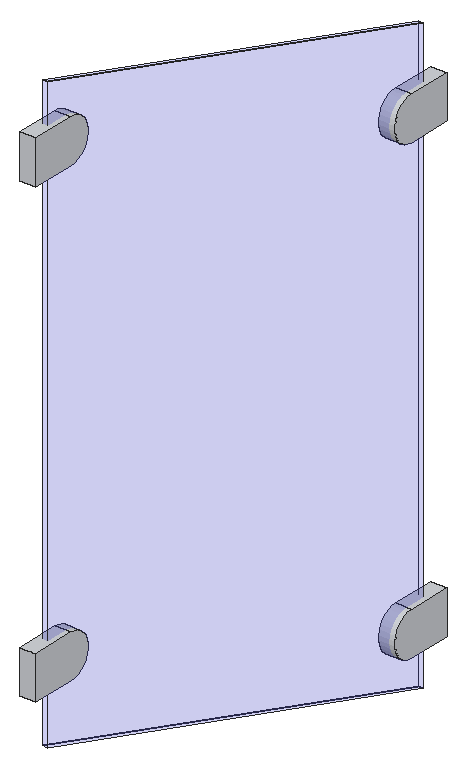
Revit family "M_Painel do balaústre - Vidro com arandela", category Balaústres, Revit 2019
Family settings
  Número OmniClass = 23.30.80.11.11.11
  Título OmniClass = Infill Panels
  ID de item do Seek = Baluster Panel - Glass w Brackets-0000-CAN-ENU
  Sempre na vertical = Sim
  Corte com vazios quando carregada = Não
  Compartilhado = Não
Parameters (values of type "600 mm com intervalo de 25 mm")
  built-in parameter 1008623 [instance] = (empty or 0)
  Espessura [instance] = 6 mm
  built-in parameter 1008625 [instance] = 18.00°
  Post = no
  Material do painel = Vidro
  Largura [instance] = 600 mm
  Intervalo do painel = 25 mm
  Deslocamento da arandela = 100 mm
  Material de arandela = none
  built-in parameter 1008624 [instance] = (empty or 0)
  built-in parameter 1008622 [instance] = 750 mm
Types (3, lengths in mm): name | Largura
  (no name) | 600
  600 mm com intervalo de 25 mm | 600
  450 mm com intervalo de 25 mm | 450
Reference planes
  plane 1 "Centro (Frente/Trás)": y = 0
  plane 2: z = 0
  plane 3 "Centro (Esquerda/Direita)": x = 3.175
  plane 4 "Superior": z = 750
  plane 5 "Ângulo de inclinação (Superior)": through (0, 220.419, 678.381) normal (0, -0.309, -0.9511)
  plane 6 "Ângulo de inclinação (Inferior)": through (0, 0, 0) normal (0, -0.309, -0.9511)
  plane 7 "Parte frontal": y = 300
  plane 8 "Parte posterior": y = -300
  plane 9: x = 0.175
  plane 10: x = 6.175
  plane 11: x = -6.175
  plane 12: x = 12.525
Forms (mm)
  Extrusion 1, solid, material "Vidro" <- "Material do painel"
    sketch origin (3.175, 0, 0) x (0, 1, 0) y (0, 0, 1)
      loop
        line (275, -63.066) -> (275, 634.361) -> (-275, 813.066) -> (-275, 115.639) -> (275, -63.066)
    from -3 to 3
  Extrusion 2, solid, material <- "Material de arandela"
    sketch origin (3.175, 0, 0) x (0, 1, 0) y (0, 0, 1)
      loop
        line (300, 33.07) -> (249.2, 33.07)
        arc (249.2, 33.07) -> (223.8, 7.67) -> (249.2, -17.73) r 25.4
        line (249.2, -17.73) -> (300, -17.73) -> (300, 33.07)
    from -9.35 to 9.35
  Extrusion 3, solid, material <- "Material de arandela"
    sketch origin (3.175, 0, 0) x (0, 1, 0) y (0, 0, 1)
      loop
        line (-300, 228.022) -> (-300, 177.222) -> (-249.2, 177.222)
        arc (-249.2, 177.222) -> (-223.8, 202.622) -> (-249.2, 228.022) r 25.4
        line (-249.2, 228.022) -> (-300, 228.022)
    from -9.35 to 9.35
  Extrusion 4, solid, material <- "Material de arandela"
    sketch origin (3.175, 0, 0) x (0, 1, 0) y (0, 0, 1)
      loop
        line (300, 572.778) -> (249.2, 572.778)
        arc (249.2, 572.778) -> (223.8, 547.378) -> (249.2, 521.978) r 25.4
        line (249.2, 521.978) -> (300, 521.978) -> (300, 572.778)
    from -9.35 to 9.35
  Extrusion 5, solid, material <- "Material de arandela"
    sketch origin (3.175, 0, 0) x (0, 1, 0) y (0, 0, 1)
      loop
        line (-300, 767.73) -> (-300, 716.93) -> (-249.2, 716.93)
        arc (-249.2, 716.93) -> (-223.8, 742.33) -> (-249.2, 767.73) r 25.4
        line (-249.2, 767.73) -> (-300, 767.73)
    from -9.35 to 9.35
Lines and regions (mm)
  model lines, style "InvisibleLines"
    curve 1: line (3.175, 300, 626.238) -> (3.175, -300, 821.189)
    curve 2: line (3.175, 300, -71.189) -> (3.175, -300, 123.762)
    curve 3: line (3.175, 275, -89.353) -> (3.175, 275, 660.647)
    curve 4: line (3.175, -275, 89.353) -> (3.175, -275, 839.353)
  symbolic lines, style "InvisibleLines"
    curve 5: line (0, 300, 7.67) -> (0, -300, 202.622)
    curve 6: line (0, 300, 547.378) -> (0, -300, 742.33)
Text (mm)
  text "Elevação do painel do balaústre" at (0, 1279.138, 1234.25), in view "Esquerda"
Dimensions and locks
  "built-in parameter 1008622": plane 2 to plane 4 "Superior"
  "Largura": plane 8 "Parte posterior" to plane 7 "Parte frontal"
  equal spacing: plane 8 "Parte posterior", plane 1 "Centro (Frente/Trás)", plane 7 "Parte frontal"
  "Espessura": plane 9 to plane 10
  equal spacing: plane 9, plane 3 "Centro (Esquerda/Direita)", plane 10
  "Intervalo do painel": curve 1 to plane 5 "Ângulo de inclinação (Superior)"  (x2)
  "Intervalo do painel": plane 6 "Ângulo de inclinação (Inferior)" to curve 2  (x2)
  "Intervalo do painel": plane 7 "Parte frontal" to curve 3  (x2)
  "Intervalo do painel": curve 4 to plane 8 "Parte posterior"  (x2)
  "Deslocamento da arandela": plane 6 "Ângulo de inclinação (Inferior)" to curve 5  (x2)
  locked: curve 5 to Extrusion 2 sketch curve at 25.4
  locked: Extrusion 2 sketch curve to curve 5 at 25.4
  locked: plane 11 to plane 9 at 6.35
  locked: plane 10 to plane 12 at 6.35
  locked: Extrusion 3 sketch curve to curve 5 at 25.4
  locked: curve 5 to Extrusion 3 sketch curve at 25.4
  "Deslocamento da arandela": curve 6 to plane 5 "Ângulo de inclinação (Superior)"  (x2)
  locked: curve 6 to Extrusion 4 sketch curve at 25.4
  locked: Extrusion 4 sketch curve to curve 6 at 25.4
  locked: Extrusion 5 sketch curve to curve 6 at 25.4
  locked: curve 6 to Extrusion 5 sketch curve at 25.4
  "built-in parameter 1008625": angle plane 4 "Superior" to plane 5 "Ângulo de inclinação (Superior)"
  "built-in parameter 1008625": angle level to plane 6 "Ângulo de inclinação (Inferior)"
  aligned and locked: plane 9 to Extrusion 1
  aligned and locked: Extrusion 1 to plane 10
  aligned and locked: plane 8 "Parte posterior" to curve 2
  aligned and locked: plane 7 "Parte frontal" to curve 2
  aligned and locked: plane 5 "Ângulo de inclinação (Superior)" to curve 4
  aligned and locked: plane 6 "Ângulo de inclinação (Inferior)" to curve 4
  aligned and locked: plane 5 "Ângulo de inclinação (Superior)" to curve 3
  aligned and locked: plane 6 "Ângulo de inclinação (Inferior)" to curve 3
  aligned and locked: curve 1 to Extrusion 1 sketch curve
  aligned and locked: Extrusion 1 sketch curve to curve 2
  aligned and locked: Extrusion 1 sketch curve to curve 4
  aligned and locked: curve 3 to Extrusion 1 sketch curve
  aligned and locked: plane 8 "Parte posterior" to curve 5
  aligned and locked: plane 7 "Parte frontal" to Extrusion 2 sketch curve
  aligned and locked: plane 11 to Extrusion 2
  aligned and locked: Extrusion 2 to plane 12
  aligned and locked: Extrusion 3 to plane 12
  aligned and locked: plane 11 to Extrusion 3
  aligned and locked: plane 8 "Parte posterior" to curve 6
  aligned and locked: plane 7 "Parte frontal" to curve 6
  aligned and locked: Extrusion 4 sketch curve to plane 7 "Parte frontal"
  aligned and locked: plane 11 to Extrusion 5
  aligned and locked: Extrusion 5 to plane 12
  aligned and locked: plane 11 to Extrusion 4
  aligned and locked: Extrusion 4 to plane 12
Automatic sketch dimensions
  plane 7 "Parte frontal" to Extrusion 2 sketch curve = 50.8 mm
  Extrusion 3 sketch curve to plane 8 "Parte posterior" = 0 mm
  Extrusion 3 sketch curve to Extrusion 3 sketch curve = 50.8 mm
  curve 5 to plane 7 "Parte frontal" = 0 mm
  curve 1 to plane 7 "Parte frontal" = 0 mm
  curve 1 to plane 8 "Parte posterior" = 0 mm
  plane 7 "Parte frontal" to Extrusion 4 sketch curve = 50.8 mm
  Extrusion 5 sketch curve to plane 8 "Parte posterior" = 0 mm
  Extrusion 5 sketch curve to Extrusion 5 sketch curve = 50.8 mm
